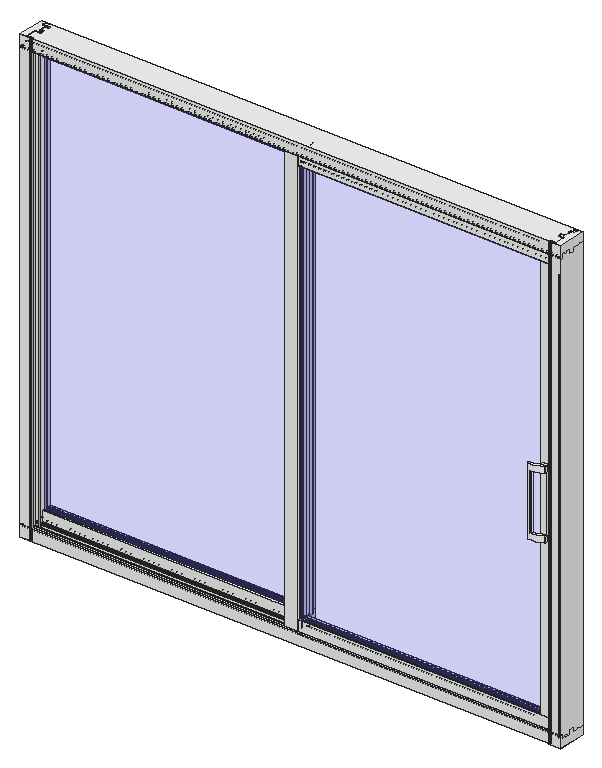
Revit family "Patio-Door_Windsor_Novatech", category Doors, host Wall, Revit 2026 (continued)
Definition of nested family "NOVATECH_WINDSOR_LIGHT_SASH_X"
  Definition of nested family "NOVATECH_650_2 LIGHT_SASH_X_SILL"
    Automatic sketch dimensions
      Extrusion 1 sketch curve to Extrusion 1 sketch curve = 0.0614"
      Extrusion 1 sketch curve to Extrusion 1 sketch curve = 0.03036"
      Extrusion 1 sketch curve to Extrusion 1 sketch curve = 0.0186"
      Extrusion 1 sketch curve to Extrusion 1 sketch curve = 0.03121"
      Extrusion 1 sketch curve to Extrusion 1 sketch curve = 0.015"
      Extrusion 1 sketch curve to Extrusion 1 sketch curve = 0.04"
      Extrusion 1 sketch curve to level = 0.35002"
      Extrusion 1 sketch curve to Extrusion 1 sketch curve = 0.01061"  (x2)
      level to Extrusion 1 sketch curve = 0.32058"
      Extrusion 1 sketch curve to Extrusion 1 sketch curve = 0.16704"
      Extrusion 1 sketch curve to Extrusion 1 sketch curve = 0.1675"
      Extrusion 1 sketch curve to Extrusion 1 sketch curve = 0.10882"
      Extrusion 1 sketch curve to Extrusion 1 sketch curve = 0.02511"
      Extrusion 1 sketch curve to Extrusion 1 sketch curve = 0.01732"
      Extrusion 1 sketch curve to level = 0.195"
      Extrusion 1 sketch curve to Extrusion 1 sketch curve = 0.21982"
      Extrusion 1 sketch curve to Extrusion 1 sketch curve = 0.06"
      Extrusion 1 sketch curve to Extrusion 1 sketch curve = 0.10035"
      Extrusion 1 sketch curve to Extrusion 1 sketch curve = 0.04433"
      Extrusion 1 sketch curve to plane 5 = 1.07852"
      Extrusion 1 sketch curve to Extrusion 1 sketch curve = 0.05102"
      Extrusion 1 sketch curve to Extrusion 1 sketch curve = 0.01898"
      Extrusion 1 sketch curve to Extrusion 1 sketch curve = 0.13882"  (x2)
      Extrusion 1 sketch curve to Extrusion 1 sketch curve = 0.21469"
      Extrusion 1 sketch curve to Extrusion 1 sketch curve = 0.06385"
      Extrusion 1 sketch curve to plane 5 = 1.09448"
      Extrusion 1 sketch curve to Extrusion 1 sketch curve = 0.0641"
      Extrusion 1 sketch curve to Extrusion 1 sketch curve = 0.0724"
      Extrusion 1 sketch curve to Extrusion 1 sketch curve = 0.04724"
      Extrusion 1 sketch curve to Extrusion 1 sketch curve = 0.07555"
      Extrusion 1 sketch curve to Extrusion 1 sketch curve = 0.055"  (x2)
      Extrusion 1 sketch curve to Extrusion 1 sketch curve = 0.21381"
      Extrusion 1 sketch curve to Extrusion 1 sketch curve = 0.05593"
      Extrusion 1 sketch curve to level = 0.08646"  (x2)
      Extrusion 1 sketch curve to Extrusion 1 sketch curve = 0.191"  (x2)
      Extrusion 1 sketch curve to Extrusion 1 sketch curve = 0.034"  (x2)
      Extrusion 1 sketch curve to level = 0.01971"
      Extrusion 1 sketch curve to Extrusion 1 sketch curve = 1/8"  (x2)
      Extrusion 1 sketch curve to Extrusion 1 sketch curve = 0.83942"
      Extrusion 1 sketch curve to Extrusion 1 sketch curve = 0.04382"
      Extrusion 1 sketch curve to Extrusion 1 sketch curve = 0.15857"
      Extrusion 1 sketch curve to Extrusion 1 sketch curve = 0.01021"
      Extrusion 1 sketch curve to Extrusion 1 sketch curve = 0.10239"
      Extrusion 1 sketch curve to level = 0.255"
      Extrusion 1 sketch curve to Extrusion 1 sketch curve = 0.25763"
      Extrusion 1 sketch curve to Extrusion 1 sketch curve = 0.22441"
      Extrusion 1 sketch curve to Extrusion 1 sketch curve = 0.03439"
      Extrusion 1 sketch curve to Extrusion 1 sketch curve = 0.31159"
      Extrusion 1 sketch curve to Extrusion 1 sketch curve = 0.035"
      Extrusion 1 sketch curve to Extrusion 1 sketch curve = 0.01339"
      Extrusion 1 sketch curve to Extrusion 1 sketch curve = 0.06233"
      Extrusion 1 sketch curve to level = 0.36541"
      Extrusion 1 sketch curve to Extrusion 1 sketch curve = 0.27895"
      Extrusion 1 sketch curve to Extrusion 1 sketch curve = 0.06308"
      Extrusion 1 sketch curve to Extrusion 1 sketch curve = 0.03638"
      Extrusion 1 sketch curve to Extrusion 1 sketch curve = 0.077"
      Extrusion 1 sketch curve to level = 0.08358"
      Extrusion 1 sketch curve to Extrusion 1 sketch curve = 0.01347"
      level to Extrusion 1 sketch curve = 0.09813"
      Extrusion 1 sketch curve to Extrusion 1 sketch curve = 0.01484"
      Extrusion 1 sketch curve to Extrusion 1 sketch curve = 0.04673"
      Extrusion 1 sketch curve to Extrusion 1 sketch curve = 0.01827"
      Extrusion 1 sketch curve to Extrusion 1 sketch curve = 0.01"
      Extrusion 1 sketch curve to Extrusion 1 sketch curve = 0.0125"
      Extrusion 1 sketch curve to Extrusion 1 sketch curve = 1/16"
      Extrusion 1 sketch curve to Extrusion 1 sketch curve = 0.01415"
      Extrusion 1 sketch curve to Extrusion 1 sketch curve = 0.09464"
      Extrusion 1 sketch curve to Extrusion 1 sketch curve = 0.03055"
      Extrusion 1 sketch curve to Extrusion 1 sketch curve = 0.09"
      Extrusion 1 sketch curve to Extrusion 1 sketch curve = 0.0361"
      Extrusion 1 sketch curve to Extrusion 1 sketch curve = 0.04183"
      Extrusion 1 sketch curve to Extrusion 1 sketch curve = 0.0696"
      Extrusion 1 sketch curve to Extrusion 1 sketch curve = 0.21029"
      Extrusion 1 sketch curve to Extrusion 1 sketch curve = 0.22515"
      Extrusion 1 sketch curve to Extrusion 1 sketch curve = 0.35711"
      Extrusion 1 sketch curve to Extrusion 1 sketch curve = 0.045"
      Extrusion 1 sketch curve to Extrusion 1 sketch curve = 0.0256"  (x2)
      Extrusion 1 sketch curve to Extrusion 1 sketch curve = 0.12251"
Types (3): name | Width Sash X | Width Sash O | Model_Sash to Reference Line | Rough Width | Width
  59 1/2"W X 79 1/2"H | 30 3/8" | 30 3/8" | 28 1/4" | 60" | 59 1/2"
  71 1/2"W X 79 1/2"H | 36 3/8" | 36 3/8" | 34 1/4" | 72" | 71 1/2"
  95 1/2"W X 79 1/2"H | 48 3/8" | 48 3/8" | 46 1/4" | 96" | 95 1/2"
